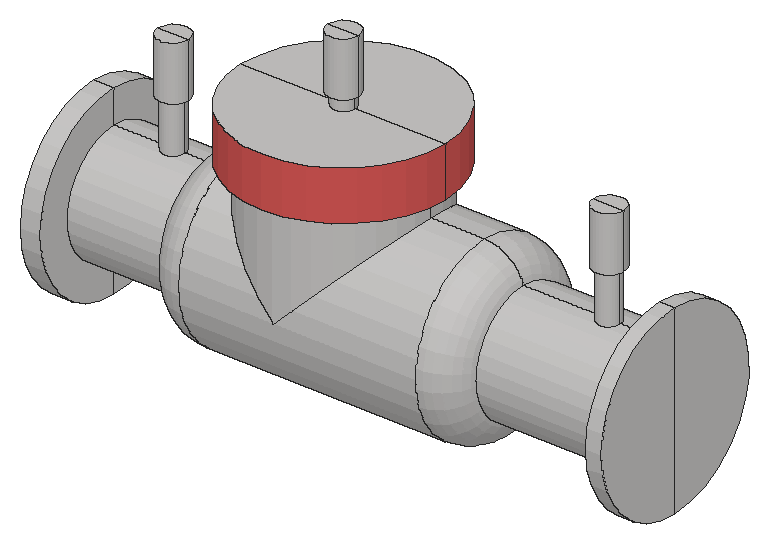
Revit family "Double_Check_Valve_Assemblies-Backflow_Prevention-LessShutoff-AMES-2000SSOSY_Series", category Pipe Accessories, Revit 2016
Family settings
  Part Type = Valve - Breaks Into
  Round Connector Dimension = Use Radius
  OmniClass Number = 23.65.55.14.21
  OmniClass Title = Non-Return Valves for Liquid Services
  Work Plane-Based = No
  Always vertical = Yes
  Cut with Voids When Loaded = No
  Shared = No
Parameters (values of type "2000SS-OSY - 2.5"")
  Width = 7"
  Valve_OAL = 22"
  URL = "http://www.amesfirewater.com"
  TC_Nipple_Rad = 27/64"
  TC_Body_Rad = 37/64"
  TC_Body_Length = 2 15/256"
  TC3_Dist = 19 1/2"
  TC2_Dist = 3"
  TC1_Dist = 1 1/2"
  Shipping Weight = 53 lbf
  Region = "North America"  # constant formula
  Product Page URL = "http://www.amesfirewater.com/Products/2000SS"
  Product Documentation Link = "http://media.wattswater.com/ES-A-2000SS.pdf"
  Pressure Rating = 175 psi  # constant formula
  OSY- UL/FM Outside Stem and Yoke, Resilient Seated Gate Valves = yes
  NRS- Non-Rising Stern Resilient Seated Gate Valves = no
  Model = "2000SS"  # constant formula
  Material = "Metal-AMES-304 Series-Stainless Steel"  # constant formula
  Manufacturer = "AMES Fire & Waterworks"  # constant formula
  Length = 38"
  GV_Stem_Rad = 113/256"
  GV_Stem_Dist = GV_OAL / 2  # 4"
  GV_Out_Flg_Ext_Dist = -73/128"
  GV_OSY_Stem_Hieght = 2 105/128"
  GV_OAL = 8"
  GV_Handle_Thk = 3/4"
  GV_Handle_Rad = 3 5/8"
  GV_Flow_Rad = 1 77/128"
  GV_Flg_Thk = 73/128"
  GV_Flange_Rad = 3 1/2"
  GV_Bonnet_Hieght = 8"
  GV_Bonnet_Angle = 45.00°
  Description = "Series 2000SS Double Check Valve Assemblies prevent the backflow of polluted water from entering into the potable water supply. It consists of a compact construction and short lay length, ideal for retrofit installations. It features a lightweight stainless steel body and low head loss. Series 2000SS is ideal in applications identified by local authorities as non-health hazard. Maximum Working Pressure: 175psi (12.06 bar)."  # constant formula
  Coupling_Thk = 1 225/256"
  Coupling_Rad = 3 7/8"
  Country = "United States"  # constant formula
  Connection_Rad = 1 1/4"
  Connection Type = "Flanged and/or Grooved Connections"  # constant formula
  Connection Size = Connection_Rad * 2  # 2 1/2"
  Connection Outlet Description = "2-1/2\" Flange Outlet"
  Connection Inlet Description = "2-1/2\" Flange Inlet"
  Chk_In_Cover = 9 113/256"
  Chk_In_Chk_Main = 4 45/128"
  Chk_Flow_Rad = 2 1/4"
  Chk_Flange_Thk = 3/4"
  Chk_Flange_Rad = 3 1/2"
  Chk_Cover_Rad = 3 41/128"
  Chk_Cover_Hieght = 6"
  Chk_Body_Rad = 3 41/128"
  Chk_Body_Length = 11 123/128"
  Chk_Body_Fillet = 1 1/2"
  CL_TC2-3 = 6 31/256"
  CL_TC1 = 4 9/64"
  CL_Cover_TC = 8 133/256"
  Assembly Code = "D2090900"
Types (8): name | Width | Valve_OAL | TC3_Dist | TC2_Dist | TC1_Dist | Shipping Weight | Length | GV_Stem_Rad | GV_Stem_Dist | GV_Out_Flg_Ext_Dist | GV_OSY_Stem_Hieght | GV_OAL | GV_Handle_Thk | GV_Handle_Rad | GV_Flow_Rad | GV_Flg_Thk | GV_Flange_Rad | GV_Bonnet_Hieght | Coupling_Thk | Coupling_Rad | Connection_Rad | Connection Size | Connection Outlet Description | Connection Inlet Description | Chk_In_Cover | Chk_In_Chk_Main | Chk_Flow_Rad | Chk_Flange_Thk | Chk_Flange_Rad | Chk_Cover_Rad | Chk_Cover_Hieght | Chk_Body_Rad | Chk_Body_Length | Chk_Body_Fillet | CL_TC2-3 | CL_TC1 | CL_Cover_TC
  (no name) | 7" | 22" | 19 1/2" | 3" | 1 1/2" | 53 lbf | 38" | 113/256" | 4" | -73/128" | 2 105/128" | 8" | 3/4" | 3 5/8" | 1 77/128" | 73/128" | 3 1/2" | 8" | 1 225/256" | 3 7/8" | 1 1/4" | 2 1/2" | "2-1/2\" Flange Outlet" | "2-1/2\" Flange Inlet" | 9 113/256" | 4 45/128" | 2 1/4" | 3/4" | 3 1/2" | 3 41/128" | 6" | 3 41/128" | 11 123/128" | 1 1/2" | 6 31/256" | 4 9/64" | 8 133/256"
  2000SS-OSY - 2.5" | 7" | 22" | 19 1/2" | 3" | 1 1/2" | 53 lbf | 38" | 113/256" | 4" | -73/128" | 2 105/128" | 8" | 3/4" | 3 5/8" | 1 77/128" | 73/128" | 3 1/2" | 8" | 1 225/256" | 3 7/8" | 1 1/4" | 2 1/2" | "2-1/2\" Flange Outlet" | "2-1/2\" Flange Inlet" | 9 113/256" | 4 45/128" | 2 1/4" | 3/4" | 3 1/2" | 3 41/128" | 6" | 3 41/128" | 11 123/128" | 1 1/2" | 6 31/256" | 4 9/64" | 8 133/256"
  2000SS-OSY - 3" | 7 1/2" | 22" | 19 1/2" | 3" | 1 1/2" | 55 lbf | 38" | 141/256" | 4" | -141/256" | 3 51/256" | 8" | 3/4" | 4" | 1 109/128" | 141/256" | 3 189/256" | 10" | 1 225/256" | 3 7/8" | 1 1/2" | 3" | "3\" Flange Outlet" | "3\" Flange Inlet" | 9 113/256" | 4 45/128" | 2 1/4" | 3/4" | 3 189/256" | 3 41/128" | 6" | 3 41/128" | 11 123/128" | 1 1/2" | 6 31/256" | 4 9/64" | 8 133/256"
  2000SS-OSY - 4" | 9" | 22" | 19 1/2" | 3" | 1 57/64" | 58 lbf | 40" | 141/256" | 4 1/2" | -241/256" | 4 3/4" | 9" | 3/4" | 4 105/256" | 2 143/256" | 241/256" | 4 1/2" | 11" | 1 225/256" | 3 7/8" | 2" | 4" | "4\" Flange Outlet" | "4\" Flange Inlet" | 9 113/256" | 4 45/128" | 2 1/4" | 241/256" | 4 1/2" | 3 41/128" | 6" | 3 41/128" | 11 123/128" | 1 1/2" | 6 31/256" | 5 13/128" | 8 133/256"
  2000SS-OSY - 6" | 11" | 27 1/2" | 24 3/4" | 2 1/4" | 2 13/128" | 105 lbf | 48 1/2" | 5/8" | 5 1/4" | -1" | 6 3/4" | 10 1/2" | 3/4" | 5 1/2" | 3 37/64" | 1" | 5 1/2" | 14" | 2 41/128" | 4 7/8" | 3" | 6" | "6\" Flange Outlet" | "6\" Flange Inlet" | 11 151/256" | 3 17/32" | 3 41/128" | 1" | 5 1/2" | 4 41/128" | 7 37/64" | 4 87/256" | 17" | 2" | 7 31/256" | 7 23/64" | 11 115/256"
  2000SS-OSY - 8" | 13 1/2" | 29 1/2" | 25 159/256" | 3 223/256" | 2 113/256" | 169 lbf | 52 1/2" | 169/256" | 5 3/4" | -1 23/128" | 8 1/2" | 11 1/2" | 3/4" | 5 1/2" | 4 17/32" | 1 23/128" | 6 3/4" | 20" | 2 41/128" | 5 7/8" | 4" | 8" | "8\" Flange Outlet" | "8\" Flange Inlet" | 13" | 3 33/256" | 4 21/64" | 1" | 6 3/4" | 5 3/8" | 9 37/128" | 6 23/64" | 23 69/256" | 2" | 10 115/128" | 8 79/256" | 13 39/64"
  2000SS-OSY - 10" | 16" | 29 1/2" | 25 241/256" | 4 49/256" | 2 143/256" | 179 lbf | 55 1/2" | 215/256" | 6 1/2" | -1 23/128" | 11 77/256" | 13" | 1" | 6 7/32" | 5 77/128" | 1 23/128" | 8" | 25" | 2 41/128" | 5 7/8" | 5" | 10" | "10\" Flange Outlet" | "10\" Flange Inlet" | 13 1/32" | 2 51/128" | 5 51/128" | 1 31/256" | 8" | 5 3/8" | 9 67/256" | 6 23/64" | 24 179/256" | 2" | 10 233/256" | 9 95/256" | 13 39/64"
  2000SS-OSY - 12" | 19" | 29 1/2" | 23 159/256" | 4 95/256" | 2 159/256" | 209 lbf | 57 1/2" | 215/256" | 7" | -1 67/256" | 12 1/32" | 14" | 1" | 7" | 6 37/64" | 1 67/256" | 9 1/2" | 25" | 2 41/128" | 5 7/8" | 6" | 12" | "12\" Flange Outlet" | "12\" Flange Inlet" | 13 1/4" | 2 51/128" | 6 3/8" | 1" | 9 1/2" | 5 3/8" | 9 77/256" | 7" | 24" | 2" | 11 105/128" | 10 23/64" | 13 159/256"
Reference planes (in)
  plane 1 "Center (Front/Back)": y = 0
  plane 2: z = 0
  plane 3 "GV1_Outlet": x = 8
  plane 4 "GV2_Inlet": x = 30
  plane 5: x = 1.5
  plane 6: x = 10.05161
  plane 7: x = 19
  plane 8: x = 27.94839
  plane 9: x = 19
Forms (in)
  Revolve 1, solid, material "Metal-AMES-304 Series-Stainless Steel", detail levels fine
    sketch origin (0, 0, 0) x (1, 0, 0) y (0, 0, 1)
      loop
        line (8, 0) -> (8, -3.5) -> (8.75, -3.5) -> (8.75, -2.25) -> (29.42969, -2.25) -> (29.42969, -3.5) -> (30, -3.5) -> (30, 0) -> (8, 0)
      axis (8, 0) -> (30, 0)
    angle from 0 to 360
  Revolve 2, solid, material "Metal-AMES-304 Series-Stainless Steel", detail levels fine
    sketch origin (0, 0, 0) x (1, 0, 0) y (0, 0, 1)
      loop
        line (12.35156, 0) -> (24.3125, 0) -> (24.3125, 1.82031)
        arc (24.3125, 1.82031) -> (23.87316, 2.88097) -> (22.8125, 3.32031) r 1.5
        line (22.8125, 3.32031) -> (13.85156, 3.32031)
        arc (13.85156, 3.32031) -> (12.7909, 2.88097) -> (12.35156, 1.82031) r 1.5
        line (12.35156, 1.82031) -> (12.35156, 0)
      axis (12.35156, 0) -> (24.3125, 0)
    angle from 0 to 360
  Revolve 3, solid, material "Metal-AMES-304 Series-Stainless Steel", detail levels fine
    sketch origin (0, 0, 0) x (1, 0, 0) y (0, 0, 1)
      loop
        line (17.44141, 0) -> (17.44141, 6) -> (13.56641, 6) -> (13.56641, 4.12109) -> (14.12109, 4.12109) -> (14.12109, 0) -> (17.44141, 0)
      axis (17.44141, 6) -> (17.44141, 0)
    angle from 0 to 360
  Revolve 4, solid, material "Metal-AMES-304 Series-Stainless Steel", detail levels fine
    sketch origin (0, 0, 0) x (1, 0, 0) y (0, 0, 1)
      loop
        line (11, 0) -> (11, 6.12109) -> (10.42188, 6.12109) -> (10.42188, 4.0625) -> (10.57813, 4.0625) -> (10.57813, 0) -> (11, 0)
      axis (11, 6.12109) -> (11, 0)
    angle from 0 to 360
  Revolve 5, solid, material "Metal-AMES-304 Series-Stainless Steel", detail levels fine
    sketch origin (0, 0, 0) x (1, 0, 0) y (0, 0, 1)
      loop
        line (27.5, 0) -> (27.5, 6.12109) -> (26.92188, 6.12109) -> (26.92188, 4.0625) -> (27.07813, 4.0625) -> (27.07813, 0) -> (27.5, 0)
      axis (27.5, 6.12109) -> (27.5, 0)
    angle from 0 to 360
  Revolve 6, solid, material "Metal-AMES-304 Series-Stainless Steel", detail levels fine
    sketch origin (0, 0, 0) x (1, 0, 0) y (0, 0, 1)
      loop
        line (17.44141, 0) -> (17.44141, 8.51953) -> (16.86328, 8.51953) -> (16.86328, 6.46094) -> (17.01953, 6.46094) -> (17.01953, 0) -> (17.44141, 0)
      axis (17.44141, 8.51953) -> (17.44141, 0)
    angle from 0 to 360
Lines and regions (in)
  Masking region 1, detail levels fine
    outline origin (0, 0, 13.75) x (-1, 0, 0) y (0, -1, 0)
      loop
        line (-8, 3.5) -> (-8.75, 3.5) -> (-8.75, 2.25) -> (-12.35156, 2.25)
        arc (-12.35156, 2.25) -> (-12.66505, 3.00683) -> (-13.42188, 3.32031) r 1.07031
        line (-13.42188, 3.32031) -> (-23.24219, 3.32031)
        arc (-23.24219, 3.32031) -> (-23.99901, 3.00683) -> (-24.3125, 2.25) r 1.07031
        line (-24.3125, 2.25) -> (-29.42969, 2.25) -> (-29.42969, 3.5) -> (-30, 3.5) -> (-30, -3.5) -> (-29.42969, -3.5) -> (-29.42969, -2.25) -> (-24.3125, -2.25)
        arc (-24.3125, -2.25) -> (-23.99901, -3.00683) -> (-23.24219, -3.32031) r 1.07031
        line (-23.24219, -3.32031) -> (-13.42188, -3.32031)
        arc (-13.42188, -3.32031) -> (-12.66505, -3.00683) -> (-12.35156, -2.25) r 1.07031
        line (-12.35156, -2.25) -> (-8.75, -2.25) -> (-8.75, -3.5) -> (-8, -3.5) -> (-8, 3.5)
  symbolic lines, detail levels fine
    curve 1: line (8.75, 2.25, 13.75) -> (8.75, -2.25, 13.75)
    curve 2: line (29.42969, 2.25, 13.75) -> (29.42969, -2.25, 13.75)
    curve 3: circle (17.44141, 0, 13.75) r 0.57812 normal (0, 0, 1)
    curve 4: circle (28.75, 0, 13.75) r 0.44141 normal (0, 0, 1)
  model lines, detail levels coarse+medium
    curve 5: line (15.25, 1.5, 0) -> (19, -1.5, 0)
    curve 6: line (19, 1.5, 0) -> (22.75, -1.5, 0)
    curve 7: line (19, -1.5, 0) -> (19, 1.5, 0)
    curve 8: line (28.25, 1.5, 0) -> (22.75, -1.5, 0)
    curve 9: line (28.25, -1.5, 0) -> (22.75, 1.5, 0)
    curve 10: line (22.75, 1.5, 0) -> (22.75, -1.5, 0)
    curve 11: line (28.25, 1.5, 0) -> (28.25, -1.5, 0)
    curve 12: line (30, 0, 0) -> (28.25, 0, 0)
    curve 13: line (9.75, 1.5, 0) -> (15.25, -1.5, 0)
    curve 14: line (9.75, -1.5, 0) -> (15.25, 1.5, 0)
    curve 15: line (15.25, 1.5, 0) -> (15.25, -1.5, 0)
    curve 16: line (9.75, 1.5, 0) -> (9.75, -1.5, 0)
    curve 17: line (8, 0, 0) -> (9.75, 0, 0)
Dimensions and locks (in)
  "Valve_OAL": plane 4 "GV2_Inlet" to plane 3 "GV1_Outlet"
  "Chk_Flow_Rad": level to Revolve 1 sketch curve
  "Chk_Flange_Rad": level to Revolve 1 sketch curve
  "Chk_Flange_Thk": Revolve 1 sketch curve to Revolve 1 sketch curve
  "GV_Flg_Thk": Revolve 1 sketch curve to Revolve 1 sketch curve
  "Chk_Body_Rad": Revolve 2 sketch curve to level
  "Chk_In_Chk_Main": Revolve 2 sketch curve to plane 3 "GV1_Outlet"
  "Chk_Body_Length": Revolve 2 sketch curve to Revolve 2 sketch curve
  "Chk_In_Cover": Revolve 3 sketch curve to plane 3 "GV1_Outlet"
  "Coupling_Rad": Revolve 3 sketch curve to Revolve 3 sketch curve
  "Chk_Cover_Rad": Revolve 3 sketch curve to Revolve 3 sketch curve
  "Chk_Cover_Hieght": Revolve 3 sketch curve to level
  "Coupling_Thk": Revolve 3 sketch curve to Revolve 3 sketch curve
  "TC2_Dist": Revolve 4 sketch curve to plane 3 "GV1_Outlet"
  "TC_Body_Rad": Revolve 4 sketch curve to Revolve 4 sketch curve
  "TC_Nipple_Rad": Revolve 4 sketch curve to Revolve 4 sketch curve
  "TC_Body_Length": Revolve 4 sketch curve to Revolve 4 sketch curve
  "CL_TC2-3": Revolve 4 sketch curve to level
  "TC3_Dist": Revolve 5 sketch curve to plane 3 "GV1_Outlet"
  "TC_Body_Rad": Revolve 5 sketch curve to Revolve 5 sketch curve
  "TC_Nipple_Rad": Revolve 5 sketch curve to Revolve 5 sketch curve
  "Chk_In_Cover": Revolve 6 sketch curve to plane 3 "GV1_Outlet"
  "TC_Body_Rad": Revolve 6 sketch curve to Revolve 6 sketch curve
  "TC_Nipple_Rad": Revolve 6 sketch curve to Revolve 6 sketch curve
  "TC_Body_Length": Revolve 6 sketch curve to Revolve 6 sketch curve
  "CL_Cover_TC": Revolve 6 sketch curve to level
  "Chk_Flow_Rad": plane 1 "Center (Front/Back)" to Masking region 1 sketch curve
  "Chk_Flow_Rad": Masking region 1 sketch curve to plane 1 "Center (Front/Back)"
  "Chk_Body_Rad": Masking region 1 sketch curve to plane 1 "Center (Front/Back)"
  "Chk_Body_Rad": plane 1 "Center (Front/Back)" to Masking region 1 sketch curve
  locked: plane 6 to plane 7 at 8.94839
  locked: plane 7 to plane 8 at 8.94839
  "Chk_Body_Length": Masking region 1 sketch curve to Masking region 1 sketch curve  (x2)
  "Chk_In_Chk_Main": plane 3 "GV1_Outlet" to Masking region 1 sketch curve  (x2)
  "Chk_Flange_Rad": plane 1 "Center (Front/Back)" to Masking region 1 sketch curve  (x2)
  "Chk_Flange_Rad": Masking region 1 sketch curve to plane 1 "Center (Front/Back)"  (x2)
  "Chk_Body_Fillet": radius of Revolve 2 sketch curve  (x2)
  aligned and locked: level to Revolve 1 sketch curve
  aligned and locked: Revolve 1 sketch curve to Revolve 1 sketch curve
  aligned and locked: Revolve 1 sketch curve to plane 3 "GV1_Outlet"
  aligned and locked: plane 4 "GV2_Inlet" to Revolve 1 sketch curve
  aligned and locked: Revolve 1 sketch curve to level
  aligned and locked: Revolve 2 sketch curve to level  (x2)
  aligned and locked: Revolve 3 sketch curve to level
  aligned and locked: Revolve 3 sketch curve to Revolve 3 sketch curve
  aligned and locked: Revolve 4 sketch curve to level
  aligned and locked: Revolve 4 sketch curve to Revolve 4 sketch curve
  aligned and locked: Revolve 5 sketch curve to level
  aligned and locked: Revolve 4 to Revolve 5 sketch curve
  aligned and locked: Revolve 5 sketch curve to Revolve 4
  aligned and locked: Revolve 5 sketch curve to Revolve 5 sketch curve
  aligned and locked: Revolve 3 to Revolve 6 sketch curve
  aligned and locked: Revolve 6 sketch curve to Revolve 6 sketch curve
  aligned and locked: Revolve 1 to Masking region 1 sketch curve  (x2)
  aligned and locked: Masking region 1 sketch curve to Masking region 1 sketch curve  (x2)
  aligned and locked: Masking region 1 sketch curve to Revolve 1  (x2)
  aligned and locked: curve 3 to Revolve 6  (x2)
  aligned and locked: curve 1 to Masking region 1  (x2)
  aligned and locked: Masking region 1 to curve 1
  aligned and locked: curve 2 to Revolve 1
  aligned and locked: curve 2 to Masking region 1
  aligned and locked: Masking region 1 to curve 2
  aligned and locked: plane 7 to plane 9
  aligned and locked: Masking region 1 sketch curve to plane 3 "GV1_Outlet"
  aligned and locked: plane 4 "GV2_Inlet" to Masking region 1 sketch curve
  aligned and locked: curve 11 to curve 12
  aligned and locked: curve 16 to curve 17
  aligned and locked: plane 9 to curve 7
  aligned and locked: curve 12 to plane 1 "Center (Front/Back)"
  aligned and locked: plane 1 "Center (Front/Back)" to curve 17
  aligned and locked: plane 3 "GV1_Outlet" to curve 17
  aligned and locked: plane 4 "GV2_Inlet" to curve 12
Automatic sketch dimensions
  Revolve 3 sketch curve to level = 0"
  Revolve 3 sketch curve to Revolve 3 sketch curve = 0"
  level to Revolve 4 sketch curve = 0.12"
  Revolve 4 sketch curve to Revolve 4 sketch curve = 0"
  Revolve 5 sketch curve to level = 0"
  Revolve 5 sketch curve to Revolve 5 sketch curve = 0"
  Revolve 6 sketch curve to level = 0"
  Revolve 6 sketch curve to Revolve 6 sketch curve = 0"
  plane 6 to curve 16 = 0.30161"
  plane 1 "Center (Front/Back)" to curve 15 = 1 1/2"
  plane 7 to curve 15 = 3 3/4"
  curve 9 to plane 1 "Center (Front/Back)" = 1 1/2"
  curve 6 to curve 9 = 3 3/4"
  curve 9 to plane 8 = 0.30161"
  plane 1 "Center (Front/Back)" to curve 5 = 1 1/2"
  plane 1 "Center (Front/Back)" to curve 11 = 1 1/2"
  plane 1 "Center (Front/Back)" to curve 6 = 1 1/2"
  curve 16 to curve 17 = 1 1/2"
  curve 12 to curve 11 = 1 1/2"
  curve 13 to plane 1 "Center (Front/Back)" = 1 1/2"
  curve 14 to plane 1 "Center (Front/Back)" = 1 1/2"
  curve 7 to plane 1 "Center (Front/Back)" = 1 1/2"
  plane 1 "Center (Front/Back)" to curve 4 = 0"
  curve 4 to plane 8 = 0.80161"
  Revolve 1 sketch curve to plane 3 "GV1_Outlet" = 68.41868"
  Revolve 2 sketch curve to plane 3 "GV1_Outlet" = 68.41868"
  Revolve 1 sketch curve to Revolve 1 sketch curve = 36.34541"
  plane 4 "GV2_Inlet" to Revolve 2 sketch curve = 36.34541"
  radius of curve 4 = 113/256"
Connectors (in)
  piping at (8, 0, 0), diameter 2.5, driven by "Connection Inlet Description", driven by "Connection_Rad"
    settings: on Revolve 1, index 3, connector inside diameter 24", connector length 0", flow factor 0, pipe flow 0 GPM, pressure drop 0.00 psi, fitting loss kfactor 0, connector angle 0.00°, fixture units 0, engagement length 0", angle of deflection 0.00°, flow configuration 0, flow direction 1, fitting loss method 0, system type 29, joint type 0, gender type 0, connector reference index -1, connector utility 0, adjustable connector no, is connector primary yes, connector description "2-1/2\" Flange Inlet"
  piping at (30, 0, 0), diameter 2.5, driven by "Connection_Rad", driven by "Connection Outlet Description"
    settings: on Revolve 1, index 4, connector inside diameter 24", connector length 0", flow factor 0, pipe flow 0 GPM, pressure drop 0.00 psi, fitting loss kfactor 0, connector angle 0.00°, fixture units 0, engagement length 0", angle of deflection 0.00°, flow configuration 0, flow direction 2, fitting loss method 0, system type 29, joint type 0, gender type 0, connector reference index -1, connector utility 0, adjustable connector no, is connector primary no, connector description "2-1/2\" Flange Outlet"
